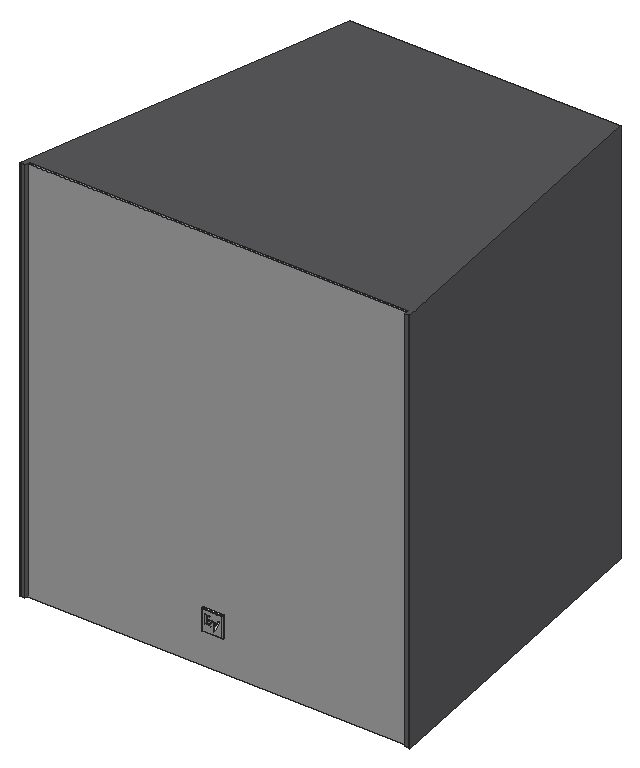
Revit family "EVH-1152S", category Communication Devices, Revit 2017
Family settings
  Maintain Annotation Orientation = Yes
  Round Connector Dimension = Use Diameter
  Part Type = Normal
  OmniClass Number = 23.85.10.11.11.21
  OmniClass Title = Speakers
  Work Plane-Based = Yes
  Always vertical = Yes
  Cut with Voids When Loaded = No
  Shared = No
  Room Calculation Point = No
Parameters (values of type "EVH1152D43BLB_Black_40X30_Coaxil_Hornload")
  Version = "1"
  Uniclass2015Code = "Pr_60_75_08_02"
  URL = ""
  ProductInformation = "https://www.electrovoice.com/binary/EVH-1152S-43_Engineering_Data_Sheet.PDF"
  PlanningTools = "https://www.electrovoice.com/product.php?id=1040#downloads&geolocation=1"
  ModelNumber = "F.01U.272.790"
  Model = ""
  MaterialRALColour = "RAL9004"
  ManufacturerURL = "https://www.electrovoice.com"
  Manufacturer = "Electro Voice"
  LoudspeakerMaterial [instance] = 13-plyWeather-resistantBirchEVCoat -RAL9004
  GrillMaterial [instance] = 16GA Powder-coatedGalvanneal - B
  FrontLength = 768.62 mm  # constant formula
  Default Elevation = 0.00 mm
  CTN = "EVH1152S43BLB"
  BackLength = 535.66 mm  # constant formula
  InstallationManual = "https://www.electrovoice.com/binary/EVH-1152S-43_Engineering_Data_Sheet.PDF"
  IfcExportType = "IfcBuildingElementProxyType"
  IfcExportAs = "IfcBuildingElementProxy"
  Height = 768.55 mm  # constant formula
  Disclaimer = "http://resource.boschsecurity.com/information/BIM/Disclaimer_Electrovoice.pdf"
  Description = "ND2B 51mm Diaphragm, 36mm Exit Pure Titanium Compression Driver. SMX2151 381mm LF Transducer with Fully Symmetric Drive. Advanced 4th Order Crossover Network with HF Protection. Coverage Pattern: 40° x 30° Constant DirectivityTM Rotatable Waveguides.106 dB Sensitivity, 139 dB Maximum SPL. System Rating: 500W Continuous, 2000W Peak. Active Rating: LF400W/HF40W Continuous 1600W/160W Peak."
  Depth = 680.06 mm  # constant formula
  ArchitectsAndEngineersSpecs = "https://www.electrovoice.com/binary/EVH-1152S-43_Engineering_Data_Sheet.PDF"
Reference planes
  plane 1 "Center (Front/Back)": y = 0
  plane 2: z = 0
  plane 3 "Center (Left/Right)": x = 0
Forms (mm)
  Extrusion 1, solid
    sketch origin (-218.808, 253.121, 151.949) x (0, 0, 1) y (0, -1, 0)
      loop
        line (-20.634, 250.621) -> (-5.289, 250.621) -> (-5.289, 253.121) -> (-20.634, 253.121) -> (-20.634, 250.621)
    from 217.781 to 244.634
  Extrusion 2, solid, material "16GA Powder-coatedGalvanneal - B" <- "GrillMaterial", detail levels medium+fine
    sketch origin (-0.165, -226.499, 0) x (1, 0, 0) y (0, 1, 0)
      loop
        arc (-374.713, -438.19) -> (0.165, -448.23) -> (375.043, -438.19) r 7003.936
        line (375.043, -438.19) -> (374.169, -433.23)
        arc (374.169, -433.23) -> (0.165, -443.23) -> (-373.839, -433.23) r 6998.936
        line (-373.839, -433.23) -> (-374.713, -438.19)
    from 0 to 768.55
  Extrusion 3, solid, material "13-plyWeather-resistantBirchEVCoat -RAL9004" <- "LoudspeakerMaterial"
    sketch origin (24.276, -254.036, 0) x (-1, 0, 0) y (0, -1, 0)
      loop
        line (-243.554, -254.036) -> (292.106, -254.036) -> (410.197, 415.692) -> (409.388, 415.692)
        arc (409.388, 415.692) -> (408.987, 415.441) -> (408.586, 415.692) r 0.445
        line (408.586, 415.692) -> (400.043, 415.692) -> (398.279, 405.692)
        arc (398.279, 405.692) -> (24.276, 415.692) -> (-349.728, 405.692) r 6998.936
        line (-349.728, 405.692) -> (-351.491, 415.692) -> (-360.034, 415.692)
        arc (-360.034, 415.692) -> (-360.435, 415.441) -> (-360.836, 415.692) r 0.445
        line (-360.836, 415.692) -> (-361.645, 415.692) -> (-243.554, -254.036)
    from 0 to 768.55
Lines and regions (mm)
  model lines
    curve 1: line (-440.583, -450.191, 0) -> (-440.583, -450.691, 0)
  model lines, detail levels medium+fine
    curve 2: circle (-364.938, -550.725, 738.55) r 12 normal (0.9848, -0.1736, 0)
    curve 4: circle (-364.938, -550.725, 30) r 12 normal (-0.9848, 0.1736, 0)
    curve 6: circle (-377.57, -622.367, 699.338) r 8 normal (0.9848, -0.1736, 0)
    curve 7: circle (-377.573, -622.385, 699.32) r 8 normal (0.9848, -0.1736, 0)
    curve 9: circle (-377.57, -622.367, 491.49) r 8 normal (0.9848, -0.1736, 0)
    curve 10: circle (-377.573, -622.385, 491.473) r 8 normal (0.9848, -0.1736, 0)
    curve 12: circle (-377.57, -622.367, 68.99) r 8 normal (0.9848, -0.1736, 0)
    curve 13: circle (-377.573, -622.385, 68.973) r 8 normal (0.9848, -0.1736, 0)
    curve 15: circle (-377.57, -622.367, 276.49) r 8 normal (0.9848, -0.1736, 0)
    curve 16: circle (-377.573, -622.385, 276.473) r 8 normal (0.9848, -0.1736, 0)
    curve 18: circle (-323.262, -314.371, 738.55) r 12 normal (0.9848, -0.1736, 0)
    curve 20: circle (-323.262, -314.371, 30) r 12 normal (-0.9848, 0.1736, 0)
    curve 22: circle (-280.892, -74.078, 738.55) r 12 normal (0.9848, -0.1736, 0)
    curve 24: circle (-280.892, -74.078, 30) r 12 normal (-0.9848, 0.1736, 0)
    curve 26: circle (364.938, -550.725, 738.55) r 12 normal (0.9848, 0.1736, 0)
    curve 28: circle (364.938, -550.725, 30) r 12 normal (-0.9848, -0.1736, 0)
    curve 30: circle (377.57, -622.367, 699.338) r 8 normal (0.9848, 0.1736, 0)
    curve 31: circle (377.573, -622.385, 699.32) r 8 normal (0.9848, 0.1736, 0)
    curve 33: circle (377.57, -622.367, 491.49) r 8 normal (0.9848, 0.1736, 0)
    curve 34: circle (377.573, -622.385, 491.473) r 8 normal (0.9848, 0.1736, 0)
    curve 36: circle (377.57, -622.367, 68.99) r 8 normal (0.9848, 0.1736, 0)
    curve 37: circle (377.573, -622.385, 68.973) r 8 normal (0.9848, 0.1736, 0)
    curve 39: circle (377.57, -622.367, 276.49) r 8 normal (0.9848, 0.1736, 0)
    curve 40: circle (377.573, -622.385, 276.473) r 8 normal (0.9848, 0.1736, 0)
    curve 42: circle (323.262, -314.371, 738.55) r 12 normal (0.9848, 0.1736, 0)
    curve 44: circle (323.262, -314.371, 30) r 12 normal (-0.9848, -0.1736, 0)
    curve 46: circle (280.892, -74.078, 738.55) r 12 normal (0.9848, 0.1736, 0)
    curve 48: circle (280.892, -74.078, 30) r 12 normal (-0.9848, -0.1736, 0)
  model lines, detail levels fine
    curve 3: circle (-364.938, -550.725, 738.55) r 8 normal (0.9848, -0.1736, 0)
    curve 5: circle (-364.938, -550.725, 30) r 8 normal (-0.9848, 0.1736, 0)
    curve 8: circle (-377.573, -622.385, 699.32) r 6 normal (0.9848, -0.1736, 0)
    curve 11: circle (-377.573, -622.385, 491.473) r 6 normal (0.9848, -0.1736, 0)
    curve 14: circle (-377.573, -622.385, 68.973) r 6 normal (0.9848, -0.1736, 0)
    curve 17: circle (-377.573, -622.385, 276.473) r 6 normal (0.9848, -0.1736, 0)
    curve 19: circle (-323.262, -314.371, 738.55) r 8 normal (0.9848, -0.1736, 0)
    curve 21: circle (-323.262, -314.371, 30) r 8 normal (-0.9848, 0.1736, 0)
    curve 23: circle (-280.892, -74.078, 738.55) r 8 normal (0.9848, -0.1736, 0)
    curve 25: circle (-280.892, -74.078, 30) r 8 normal (-0.9848, 0.1736, 0)
    curve 27: circle (364.938, -550.725, 738.55) r 8 normal (0.9848, 0.1736, 0)
    curve 29: circle (364.938, -550.725, 30) r 8 normal (-0.9848, -0.1736, 0)
    curve 32: circle (377.573, -622.385, 699.32) r 6 normal (0.9848, 0.1736, 0)
    curve 35: circle (377.573, -622.385, 491.473) r 6 normal (0.9848, 0.1736, 0)
    curve 38: circle (377.573, -622.385, 68.973) r 6 normal (0.9848, 0.1736, 0)
    curve 41: circle (377.573, -622.385, 276.473) r 6 normal (0.9848, 0.1736, 0)
    curve 43: circle (323.262, -314.371, 738.55) r 8 normal (0.9848, 0.1736, 0)
    curve 45: circle (323.262, -314.371, 30) r 8 normal (-0.9848, -0.1736, 0)
    curve 47: circle (280.892, -74.078, 738.55) r 8 normal (0.9848, 0.1736, 0)
    curve 49: circle (280.892, -74.078, 30) r 8 normal (-0.9848, -0.1736, 0)
  model lines, not visible, detail levels medium+fine
    curve 50: circle (-364.938, -550.725, 738.55) r 12 normal (0.9848, -0.1736, 0)
    curve 52: circle (-364.938, -550.725, 30) r 12 normal (-0.9848, 0.1736, 0)
    curve 54: circle (-377.57, -622.367, 699.338) r 8 normal (0.9848, -0.1736, 0)
    curve 55: circle (-377.573, -622.385, 699.32) r 8 normal (0.9848, -0.1736, 0)
    curve 57: circle (-377.57, -622.367, 491.49) r 8 normal (0.9848, -0.1736, 0)
    curve 58: circle (-377.573, -622.385, 491.473) r 8 normal (0.9848, -0.1736, 0)
    curve 60: circle (-377.57, -622.367, 68.99) r 8 normal (0.9848, -0.1736, 0)
    curve 61: circle (-377.573, -622.385, 68.973) r 8 normal (0.9848, -0.1736, 0)
    curve 63: circle (-377.57, -622.367, 276.49) r 8 normal (0.9848, -0.1736, 0)
    curve 64: circle (-377.573, -622.385, 276.473) r 8 normal (0.9848, -0.1736, 0)
    curve 66: circle (-323.262, -314.371, 738.55) r 12 normal (0.9848, -0.1736, 0)
    curve 68: circle (-323.262, -314.371, 30) r 12 normal (-0.9848, 0.1736, 0)
    curve 70: circle (-280.892, -74.078, 738.55) r 12 normal (0.9848, -0.1736, 0)
    curve 72: circle (-280.892, -74.078, 30) r 12 normal (-0.9848, 0.1736, 0)
    curve 74: circle (364.938, -550.725, 738.55) r 12 normal (0.9848, 0.1736, 0)
    curve 76: circle (364.938, -550.725, 30) r 12 normal (-0.9848, -0.1736, 0)
    curve 78: circle (377.57, -622.367, 699.338) r 8 normal (0.9848, 0.1736, 0)
    curve 79: circle (377.573, -622.385, 699.32) r 8 normal (0.9848, 0.1736, 0)
    curve 81: circle (377.57, -622.367, 491.49) r 8 normal (0.9848, 0.1736, 0)
    curve 82: circle (377.573, -622.385, 491.473) r 8 normal (0.9848, 0.1736, 0)
    curve 84: circle (377.57, -622.367, 68.99) r 8 normal (0.9848, 0.1736, 0)
    curve 85: circle (377.573, -622.385, 68.973) r 8 normal (0.9848, 0.1736, 0)
    curve 87: circle (377.57, -622.367, 276.49) r 8 normal (0.9848, 0.1736, 0)
    curve 88: circle (377.573, -622.385, 276.473) r 8 normal (0.9848, 0.1736, 0)
    curve 90: circle (323.262, -314.371, 738.55) r 12 normal (0.9848, 0.1736, 0)
    curve 92: circle (323.262, -314.371, 30) r 12 normal (-0.9848, -0.1736, 0)
    curve 94: circle (280.892, -74.078, 738.55) r 12 normal (0.9848, 0.1736, 0)
    curve 96: circle (280.892, -74.078, 30) r 12 normal (-0.9848, -0.1736, 0)
  model lines, not visible, detail levels fine
    curve 51: circle (-364.938, -550.725, 738.55) r 8 normal (0.9848, -0.1736, 0)
    curve 53: circle (-364.938, -550.725, 30) r 8 normal (-0.9848, 0.1736, 0)
    curve 56: circle (-377.573, -622.385, 699.32) r 6 normal (0.9848, -0.1736, 0)
    curve 59: circle (-377.573, -622.385, 491.473) r 6 normal (0.9848, -0.1736, 0)
    curve 62: circle (-377.573, -622.385, 68.973) r 6 normal (0.9848, -0.1736, 0)
    curve 65: circle (-377.573, -622.385, 276.473) r 6 normal (0.9848, -0.1736, 0)
    curve 67: circle (-323.262, -314.371, 738.55) r 8 normal (0.9848, -0.1736, 0)
    curve 69: circle (-323.262, -314.371, 30) r 8 normal (-0.9848, 0.1736, 0)
    curve 71: circle (-280.892, -74.078, 738.55) r 8 normal (0.9848, -0.1736, 0)
    curve 73: circle (-280.892, -74.078, 30) r 8 normal (-0.9848, 0.1736, 0)
    curve 75: circle (364.938, -550.725, 738.55) r 8 normal (0.9848, 0.1736, 0)
    curve 77: circle (364.938, -550.725, 30) r 8 normal (-0.9848, -0.1736, 0)
    curve 80: circle (377.573, -622.385, 699.32) r 6 normal (0.9848, 0.1736, 0)
    curve 83: circle (377.573, -622.385, 491.473) r 6 normal (0.9848, 0.1736, 0)
    curve 86: circle (377.573, -622.385, 68.973) r 6 normal (0.9848, 0.1736, 0)
    curve 89: circle (377.573, -622.385, 276.473) r 6 normal (0.9848, 0.1736, 0)
    curve 91: circle (323.262, -314.371, 738.55) r 8 normal (0.9848, 0.1736, 0)
    curve 93: circle (323.262, -314.371, 30) r 8 normal (-0.9848, -0.1736, 0)
    curve 95: circle (280.892, -74.078, 738.55) r 8 normal (0.9848, 0.1736, 0)
    curve 97: circle (280.892, -74.078, 30) r 8 normal (-0.9848, -0.1736, 0)
Dimensions and locks
  "Height": Extrusion 3 to Extrusion 3
  "Height": Extrusion 2 to Extrusion 3
  "BackLength": Extrusion 3 to Extrusion 3
  "FrontLength": Extrusion 3 to Extrusion 3
  "Depth": Extrusion 3 to Extrusion 3
  angle Extrusion 3 to Extrusion 3 = 20.00°
  aligned and locked: plane 2 to level
Automatic sketch dimensions
  Extrusion 1 sketch curve to plane 1 "Center (Front/Back)" = 0.00 mm
  level to Extrusion 1 sketch curve = 131.315 mm
  Extrusion 1 sketch curve to Extrusion 1 sketch curve = 15.346 mm
  Extrusion 1 sketch curve to plane 1 "Center (Front/Back)" = 2.50 mm
  plane 3 "Center (Left/Right)" to Extrusion 2 sketch curve = 374.878 mm
  plane 1 "Center (Front/Back)" to Extrusion 2 sketch curve = 659.728 mm
  Extrusion 2 sketch curve to Extrusion 2 sketch curve = 0.00 mm  (x3)
  curve 1 to plane 3 "Center (Left/Right)" = 440.583 mm
  curve 1 to curve 1 = 0.50 mm
  plane 1 "Center (Front/Back)" to Extrusion 3 sketch curve = 0.00 mm
  Extrusion 3 sketch curve to plane 3 "Center (Left/Right)" = 0.00 mm
  plane 3 "Center (Left/Right)" to Extrusion 3 sketch curve = 267.83 mm
  plane 3 "Center (Left/Right)" to Extrusion 3 sketch curve = 374.004 mm
  Extrusion 3 sketch curve to Extrusion 3 sketch curve = 1.763 mm  (x2)
  Extrusion 3 sketch curve to Extrusion 3 sketch curve = 8.543 mm  (x2)
  Extrusion 3 sketch curve to Extrusion 3 sketch curve = 0.401 mm  (x3)
  Extrusion 3 sketch curve to Extrusion 3 sketch curve = 0.81 mm  (x2)
  Extrusion 3 sketch curve to plane 3 "Center (Left/Right)" = 267.83 mm
  Extrusion 3 sketch curve to plane 3 "Center (Left/Right)" = 374.004 mm
  Extrusion 3 sketch curve to plane 1 "Center (Front/Back)" = 6329.208 mm
  plane 1 "Center (Front/Back)" to Extrusion 3 sketch curve = 659.728 mm
  Extrusion 3 sketch curve to Extrusion 3 sketch curve = 10.00 mm  (x2)
  Extrusion 3 sketch curve to Extrusion 3 sketch curve = 0.00 mm
  Extrusion 3 sketch curve to Extrusion 3 sketch curve = 0.194 mm  (x2)
  plane 1 "Center (Front/Back)" to curve 1 = 450.691 mm
  Extrusion 2 sketch curve to plane 3 "Center (Left/Right)" = 0.00 mm
  Extrusion 2 sketch curve to Extrusion 2 sketch curve = 4.96 mm
  Extrusion 2 sketch curve to Extrusion 2 sketch curve = 0.875 mm  (x2)
  Extrusion 2 sketch curve to plane 1 "Center (Front/Back)" = 6329.208 mm
  curve 2 to curve 3 = 0.00 mm  (x2)
  curve 4 to curve 5 = 0.00 mm  (x2)
  curve 7 to curve 8 = 0.00 mm  (x2)
  curve 10 to curve 11 = 0.00 mm  (x2)
  curve 13 to curve 14 = 0.00 mm  (x2)
  curve 16 to curve 17 = 0.00 mm  (x2)
  curve 18 to curve 19 = 0.00 mm  (x2)
  curve 20 to curve 21 = 0.00 mm  (x2)
  curve 22 to curve 23 = 0.00 mm  (x2)
  curve 24 to curve 25 = 0.00 mm  (x2)
  curve 16 to curve 13 = 0.00 mm
  curve 11 to curve 16 = 0.00 mm
  curve 7 to curve 10 = 0.00 mm
  curve 7 to curve 6 = 0.019 mm
  curve 16 to curve 15 = 0.019 mm
  curve 13 to curve 12 = 0.019 mm
  curve 10 to curve 9 = 0.019 mm
  curve 12 to curve 5 = 72.747 mm
  curve 6 to curve 3 = 72.747 mm
  curve 2 to curve 19 = 240.00 mm
  curve 4 to curve 20 = 240.00 mm
  curve 18 to curve 23 = 244.00 mm
  curve 20 to curve 24 = 244.00 mm
  curve 2 to curve 23 = 0.00 mm
  curve 2 to curve 18 = 0.00 mm
  curve 2 to curve 6 = 39.212 mm
  curve 6 to curve 7 = 0.018 mm
  curve 7 to curve 9 = 207.83 mm
  curve 9 to curve 10 = 0.018 mm
  curve 10 to curve 15 = 214.982 mm
  curve 15 to curve 16 = 0.018 mm
  curve 16 to curve 12 = 207.482 mm
  curve 12 to curve 14 = 0.018 mm
  curve 12 to curve 21 = 38.99 mm
  curve 12 to curve 5 = 38.99 mm
  curve 20 to curve 24 = 0.00 mm
  curve 26 to curve 27 = 0.00 mm  (x2)
  curve 28 to curve 29 = 0.00 mm  (x2)
  curve 31 to curve 32 = 0.00 mm  (x2)
  curve 34 to curve 35 = 0.00 mm  (x2)
  curve 37 to curve 38 = 0.00 mm  (x2)
  curve 40 to curve 41 = 0.00 mm  (x2)
  curve 42 to curve 43 = 0.00 mm  (x2)
  curve 44 to curve 45 = 0.00 mm  (x2)
  curve 46 to curve 47 = 0.00 mm  (x2)
  curve 48 to curve 49 = 0.00 mm  (x2)
  curve 40 to curve 37 = 0.00 mm
  curve 35 to curve 40 = 0.00 mm
  curve 31 to curve 34 = 0.00 mm
  curve 31 to curve 30 = 0.019 mm
  curve 40 to curve 39 = 0.019 mm
  curve 37 to curve 36 = 0.019 mm
  curve 34 to curve 33 = 0.019 mm
  curve 36 to curve 29 = 72.747 mm
  curve 30 to curve 27 = 72.747 mm
  curve 26 to curve 43 = 240.00 mm
  curve 28 to curve 44 = 240.00 mm
  curve 42 to curve 47 = 244.00 mm
  curve 44 to curve 48 = 244.00 mm
  curve 48 to curve 28 = 0.00 mm
  curve 45 to curve 28 = 0.00 mm
  curve 28 to curve 38 = 38.973 mm
  curve 37 to curve 36 = 0.018 mm
  curve 36 to curve 41 = 207.482 mm
  curve 40 to curve 39 = 0.018 mm
  curve 39 to curve 34 = 214.982 mm
  curve 34 to curve 33 = 0.018 mm
  curve 33 to curve 31 = 207.83 mm
  curve 31 to curve 30 = 0.018 mm
  curve 30 to curve 43 = 39.212 mm
  curve 46 to curve 42 = 0.00 mm
  curve 30 to curve 27 = 39.212 mm
  curve 50 to curve 51 = 0.00 mm  (x2)
  curve 52 to curve 53 = 0.00 mm  (x2)
  curve 55 to curve 56 = 0.00 mm  (x2)
  curve 58 to curve 59 = 0.00 mm  (x2)
  curve 61 to curve 62 = 0.00 mm  (x2)
  curve 64 to curve 65 = 0.00 mm  (x2)
  curve 66 to curve 67 = 0.00 mm  (x2)
  curve 68 to curve 69 = 0.00 mm  (x2)
  curve 70 to curve 71 = 0.00 mm  (x2)
  curve 72 to curve 73 = 0.00 mm  (x2)
  curve 64 to curve 61 = 0.00 mm
  curve 59 to curve 64 = 0.00 mm
  curve 55 to curve 58 = 0.00 mm
  curve 55 to curve 54 = 0.019 mm
  curve 64 to curve 63 = 0.019 mm
  curve 61 to curve 60 = 0.019 mm
  curve 58 to curve 57 = 0.019 mm
  curve 60 to curve 53 = 72.747 mm
  curve 54 to curve 51 = 72.747 mm
  curve 50 to curve 67 = 240.00 mm
  curve 52 to curve 68 = 240.00 mm
  curve 66 to curve 71 = 244.00 mm
  curve 68 to curve 72 = 244.00 mm
  curve 50 to curve 71 = 0.00 mm
  curve 50 to curve 66 = 0.00 mm
  curve 50 to curve 54 = 39.212 mm
  curve 54 to curve 55 = 0.018 mm
  curve 55 to curve 57 = 207.83 mm
  curve 57 to curve 58 = 0.018 mm
  curve 58 to curve 63 = 214.982 mm
  curve 63 to curve 64 = 0.018 mm
  curve 64 to curve 60 = 207.482 mm
  curve 60 to curve 62 = 0.018 mm
  curve 60 to curve 69 = 38.99 mm
  curve 60 to curve 53 = 38.99 mm
  curve 68 to curve 72 = 0.00 mm
  curve 74 to curve 75 = 0.00 mm  (x2)
  curve 76 to curve 77 = 0.00 mm  (x2)
  curve 79 to curve 80 = 0.00 mm  (x2)
  curve 82 to curve 83 = 0.00 mm  (x2)
  curve 85 to curve 86 = 0.00 mm  (x2)
  curve 88 to curve 89 = 0.00 mm  (x2)
  curve 90 to curve 91 = 0.00 mm  (x2)
  curve 92 to curve 93 = 0.00 mm  (x2)
  curve 94 to curve 95 = 0.00 mm  (x2)
  curve 96 to curve 97 = 0.00 mm  (x2)
  curve 88 to curve 85 = 0.00 mm
  curve 83 to curve 88 = 0.00 mm
  curve 79 to curve 82 = 0.00 mm
  curve 79 to curve 78 = 0.019 mm
  curve 88 to curve 87 = 0.019 mm
  curve 85 to curve 84 = 0.019 mm
  curve 82 to curve 81 = 0.019 mm
  curve 84 to curve 77 = 72.747 mm
  curve 78 to curve 75 = 72.747 mm
  curve 74 to curve 91 = 240.00 mm
  curve 76 to curve 92 = 240.00 mm
  curve 90 to curve 95 = 244.00 mm
  curve 92 to curve 96 = 244.00 mm
  curve 96 to curve 76 = 0.00 mm
  curve 93 to curve 76 = 0.00 mm
  curve 76 to curve 86 = 38.973 mm
  curve 85 to curve 84 = 0.018 mm
  curve 84 to curve 89 = 207.482 mm
  curve 88 to curve 87 = 0.018 mm
  curve 87 to curve 82 = 214.982 mm
  curve 82 to curve 81 = 0.018 mm
  curve 81 to curve 79 = 207.83 mm
  curve 79 to curve 78 = 0.018 mm
  curve 78 to curve 91 = 39.212 mm
  curve 94 to curve 90 = 0.00 mm
  curve 78 to curve 75 = 39.212 mm
  radius of curve 2 = 12.00 mm
  radius of curve 3 = 8.00 mm
  radius of curve 4 = 12.00 mm
  radius of curve 5 = 8.00 mm
  radius of curve 6 = 8.00 mm
  radius of curve 7 = 8.00 mm
  radius of curve 8 = 6.00 mm
  radius of curve 9 = 8.00 mm
  radius of curve 10 = 8.00 mm
  radius of curve 11 = 6.00 mm
  radius of curve 12 = 8.00 mm
  radius of curve 13 = 8.00 mm
  radius of curve 14 = 6.00 mm
  radius of curve 15 = 8.00 mm
  radius of curve 16 = 8.00 mm
  radius of curve 17 = 6.00 mm
  radius of curve 18 = 12.00 mm
  radius of curve 19 = 8.00 mm
  radius of curve 20 = 12.00 mm
  radius of curve 21 = 8.00 mm
  radius of curve 22 = 12.00 mm
  radius of curve 23 = 8.00 mm
  radius of curve 24 = 12.00 mm
  radius of curve 25 = 8.00 mm
  radius of curve 26 = 12.00 mm
  radius of curve 27 = 8.00 mm
  radius of curve 28 = 12.00 mm
  radius of curve 29 = 8.00 mm
  radius of curve 30 = 8.00 mm
  radius of curve 31 = 8.00 mm
  radius of curve 32 = 6.00 mm
  radius of curve 33 = 8.00 mm
  radius of curve 34 = 8.00 mm
  radius of curve 35 = 6.00 mm
  radius of curve 36 = 8.00 mm
  radius of curve 37 = 8.00 mm
  radius of curve 38 = 6.00 mm
  radius of curve 39 = 8.00 mm
  radius of curve 40 = 8.00 mm
  radius of curve 41 = 6.00 mm
  radius of curve 42 = 12.00 mm
  radius of curve 43 = 8.00 mm
  radius of curve 44 = 12.00 mm
  radius of curve 45 = 8.00 mm
  radius of curve 46 = 12.00 mm
  radius of curve 47 = 8.00 mm
  radius of curve 48 = 12.00 mm
  radius of curve 49 = 8.00 mm
  radius of curve 50 = 12.00 mm
  radius of curve 51 = 8.00 mm
  radius of curve 52 = 12.00 mm
  radius of curve 53 = 8.00 mm
  radius of curve 54 = 8.00 mm
  radius of curve 55 = 8.00 mm
  radius of curve 56 = 6.00 mm
  radius of curve 57 = 8.00 mm
  radius of curve 58 = 8.00 mm
  radius of curve 59 = 6.00 mm
  radius of curve 60 = 8.00 mm
  radius of curve 61 = 8.00 mm
  radius of curve 62 = 6.00 mm
  radius of curve 63 = 8.00 mm
  radius of curve 64 = 8.00 mm
  radius of curve 65 = 6.00 mm
  radius of curve 66 = 12.00 mm
  radius of curve 67 = 8.00 mm
  radius of curve 68 = 12.00 mm
  radius of curve 69 = 8.00 mm
  radius of curve 70 = 12.00 mm
  radius of curve 71 = 8.00 mm
  radius of curve 72 = 12.00 mm
  radius of curve 73 = 8.00 mm
  radius of curve 74 = 12.00 mm
  radius of curve 75 = 8.00 mm
  radius of curve 76 = 12.00 mm
  radius of curve 77 = 8.00 mm
  radius of curve 78 = 8.00 mm
  radius of curve 79 = 8.00 mm
  radius of curve 80 = 6.00 mm
  radius of curve 81 = 8.00 mm
  radius of curve 82 = 8.00 mm
  radius of curve 83 = 6.00 mm
  radius of curve 84 = 8.00 mm
  radius of curve 85 = 8.00 mm
  radius of curve 86 = 6.00 mm
  radius of curve 87 = 8.00 mm
  radius of curve 88 = 8.00 mm
  radius of curve 89 = 6.00 mm
  radius of curve 90 = 12.00 mm
  radius of curve 91 = 8.00 mm
  radius of curve 92 = 12.00 mm
  radius of curve 93 = 8.00 mm
  radius of curve 94 = 12.00 mm
  radius of curve 95 = 8.00 mm
  radius of curve 96 = 12.00 mm
  radius of curve 97 = 8.00 mm
Nested families
  nested 1: "InputPanel_H" at (0.031, 0.022, 51.922), LoudspeakerMaterial <- "LoudspeakerMaterial", type "InputPanel_H", detail levels medium+fine
    with LoudspeakerMaterial 13-plyWeather-resistantBirchEVCoat -RAL9004
  nested 2: "L-EV" at (0, -674.228, 88.55), type "L-EV", detail levels medium+fine
Connectors
  electrical at (12.4, 2.5, 138.988)
    settings: on Extrusion 1, index 2, voltage 0 V, apparent load 0 VA, apparent load phase1 0 VA, apparent load phase2 0 VA, apparent load phase3 0 VA, power factor 1, load classification "Other", number of poles 1, system type 31, power factor state 1, is connector primary yes, connector utility no, sub classification motor no, connector description ""
Definition of nested family "InputPanel_H"
  Parameters (values of type "InputPanel_H")
    Material = ""
    LoudspeakerMaterial [instance] = none
    Default Elevation = 1219.20 mm
  Reference planes
    plane 1 "Center (Front/Back)": y = 0
    plane 2: z = 0
    plane 3 "Center (Left/Right)": x = 0
  Forms (mm)
    Extrusion 1, solid, material <- "LoudspeakerMaterial", not visible
      sketch origin (-97.521, -0.5, 198.121) x (-1, 0, 0) y (0, 0, -1)
        loop
          arc (-236.652, 198.043) -> (-237.266, 197.789) -> (-237.521, 197.174) r 0.869
          line (-237.521, 197.174) -> (-237.521, 70.264)
          arc (-237.521, 70.264) -> (-237.266, 69.649) -> (-236.652, 69.395) r 0.869
          line (-236.652, 69.395) -> (41.701, 69.395)
          arc (41.701, 69.395) -> (42.316, 69.649) -> (42.57, 70.264) r 0.869
          line (42.57, 70.264) -> (42.57, 197.174)
          arc (42.57, 197.174) -> (42.316, 197.789) -> (41.701, 198.043) r 0.869
          line (41.701, 198.043) -> (-236.652, 198.043)
      from 0 to -0.5
    Extrusion 2, solid, material <- "LoudspeakerMaterial", detail levels medium+fine
      sketch origin (1.214, 0, 125.108) x (-1, 0, 0) y (0, 0, -1)
        loop
          line (134.909, 125.031) -> (-132.479, 125.031)
          arc (-132.479, 125.031) -> (-136.938, 123.184) -> (-138.785, 118.724) r 6.306
          line (-138.785, 118.724) -> (-138.785, 2.656)
          arc (-138.785, 2.656) -> (-137.145, -1.571) -> (-133.106, -3.618) r 6.306
          line (-133.106, -3.618) -> (134.923, -3.618)
          arc (134.923, -3.618) -> (139.382, -1.771) -> (141.229, 2.689) r 6.306
          line (141.229, 2.689) -> (141.215, 118.725)
          arc (141.215, 118.725) -> (139.367, 123.184) -> (134.909, 125.031) r 6.306
        loop
          line (-32, 109) -> (-119, 109)
          arc (-119, 109) -> (-122.536, 107.536) -> (-124, 104) r 5
          line (-124, 104) -> (-124, 18.073)
          arc (-124, 18.073) -> (-122.536, 14.537) -> (-119, 13.073) r 5
          line (-119, 13.073) -> (-32, 13.068)
          arc (-32, 13.068) -> (-28.464, 14.537) -> (-27, 18.073) r 5
          line (-27, 18.073) -> (-27, 104)
          arc (-27, 104) -> (-28.464, 107.536) -> (-32, 109) r 5
        loop
          line (121.931, 109) -> (-17.996, 109)
          arc (-17.996, 109) -> (-21.532, 107.536) -> (-22.996, 104) r 5
          line (-22.996, 104) -> (-22.996, 18.073)
          arc (-22.996, 18.073) -> (-21.532, 14.537) -> (-17.996, 13.073) r 5
          line (-17.996, 13.073) -> (121.931, 13.068)
          arc (121.931, 13.068) -> (125.466, 14.537) -> (126.931, 18.073) r 5
          line (126.931, 18.073) -> (126.931, 104)
          arc (126.931, 104) -> (125.466, 107.536) -> (121.931, 109) r 5
        loop
          circle (-131.217, 117.431) r 2.623
        loop
          circle (-43.03, 117.431) r 2.623
        loop
          circle (45.408, 117.431) r 2.623
        loop
          circle (133.136, 117.431) r 2.623
        loop
          circle (-131.469, 3.695) r 2.623
        loop
          circle (-43.281, 3.695) r 2.623
        loop
          circle (45.157, 3.695) r 2.623
        loop
          circle (132.885, 3.695) r 2.623
      from 0 to 10
    Extrusion 3, solid, material <- "LoudspeakerMaterial", detail levels fine
      sketch origin (1.214, 0, 125.108) x (-1, 0, 0) y (0, 0, -1)
        loop
          arc (-17.996, 109) -> (-21.532, 107.536) -> (-22.996, 104) r 5
          line (-22.996, 104) -> (-22.996, 18.073)
          arc (-22.996, 18.073) -> (-21.53, 14.535) -> (-17.996, 13.068) r 5
          line (-17.996, 13.068) -> (121.931, 13.073)
          arc (121.931, 13.073) -> (125.466, 14.537) -> (126.931, 18.073) r 5
          line (126.931, 18.073) -> (126.931, 104)
          arc (126.931, 104) -> (125.466, 107.536) -> (121.931, 109) r 5
          line (121.931, 109) -> (-17.996, 109)
        loop
          line (54.039, 97.778) -> (-7.991, 97.77)
          arc (-7.991, 97.77) -> (-8.799, 96.096) -> (-10.285, 94.977) r 3.948
          line (-10.285, 94.977) -> (-10.277, 26.4)
          arc (-10.277, 26.4) -> (-8.791, 25.282) -> (-7.981, 23.608) r 3.948
          line (-7.981, 23.608) -> (54.048, 23.615)
          arc (54.048, 23.615) -> (57.907, 26.731) -> (61.766, 23.616) r 3.948
          line (61.766, 23.616) -> (111.183, 23.622)
          arc (111.183, 23.622) -> (111.992, 25.297) -> (113.478, 26.415) r 3.948
          line (113.478, 26.415) -> (113.47, 94.993)
          arc (113.47, 94.993) -> (111.984, 96.11) -> (111.174, 97.785) r 3.948
          line (111.174, 97.785) -> (61.757, 97.779)
          arc (61.757, 97.779) -> (57.899, 94.663) -> (54.039, 97.778) r 3.948
        loop
          circle (57.898, 98.611) r 1.593
        loop
          circle (57.898, 22.673) r 1.593
        loop
          circle (114.809, 98.611) r 1.593
        loop
          circle (114.809, 22.673) r 1.593
        loop
          circle (-11.512, 98.611) r 1.593
        loop
          circle (-11.512, 22.673) r 1.593
      from 7.5 to 5
    Extrusion 4, solid, material <- "LoudspeakerMaterial", detail levels fine
      sketch origin (1.214, -5, 125.108) x (-1, 0, 0) y (0, 0, -1)
        loop
          arc (-136.087, 111.908) -> (-136.669, 111.554) -> (-136.853, 110.898) r 0.929
          line (-136.853, 110.898) -> (-130.706, 110.884)
          arc (-130.706, 110.884) -> (-126.61, 112.865) -> (-124.668, 116.98) r 6.83
          line (-124.668, 116.98) -> (-124.689, 123.07)
          arc (-124.689, 123.07) -> (-125.343, 122.884) -> (-125.696, 122.302) r 0.93
          line (-125.696, 122.302) -> (-125.681, 117.428)
          arc (-125.681, 117.428) -> (-127.297, 113.511) -> (-131.213, 111.895) r 5.516
          line (-131.213, 111.895) -> (-136.087, 111.908)
        loop
          line (-136.087, 9.439) -> (-131.213, 9.451)
          arc (-131.213, 9.451) -> (-127.297, 7.835) -> (-125.681, 3.918) r 5.516
          line (-125.681, 3.918) -> (-125.696, -0.955)
          arc (-125.696, -0.955) -> (-125.343, -1.537) -> (-124.689, -1.723) r 0.93
          line (-124.689, -1.723) -> (-124.668, 4.366)
          arc (-124.668, 4.366) -> (-126.61, 8.481) -> (-130.706, 10.463) r 6.83
          line (-130.706, 10.463) -> (-136.853, 10.449)
          arc (-136.853, 10.449) -> (-136.669, 9.793) -> (-136.087, 9.439) r 0.929
        loop
          line (138.516, 111.908) -> (133.643, 111.895)
          arc (133.643, 111.895) -> (129.726, 113.511) -> (128.11, 117.428) r 5.516
          line (128.11, 117.428) -> (128.125, 122.302)
          arc (128.125, 122.302) -> (127.773, 122.884) -> (127.118, 123.07) r 0.93
          line (127.118, 123.07) -> (127.098, 116.98)
          arc (127.098, 116.98) -> (129.04, 112.865) -> (133.136, 110.884) r 6.83
          line (133.136, 110.884) -> (139.283, 110.898)
          arc (139.283, 110.898) -> (139.098, 111.554) -> (138.516, 111.908) r 0.929
        loop
          arc (138.516, 9.439) -> (139.098, 9.793) -> (139.283, 10.449) r 0.929
          line (139.283, 10.449) -> (133.136, 10.463)
          arc (133.136, 10.463) -> (129.04, 8.481) -> (127.098, 4.366) r 6.83
          line (127.098, 4.366) -> (127.118, -1.723)
          arc (127.118, -1.723) -> (127.773, -1.537) -> (128.125, -0.955) r 0.93
          line (128.125, -0.955) -> (128.11, 3.918)
          arc (128.11, 3.918) -> (129.726, 7.835) -> (133.643, 9.451) r 5.516
          line (133.643, 9.451) -> (138.516, 9.439)
      from 6 to 5
    Extrusion 5, solid, material <- "LoudspeakerMaterial"
      sketch origin (1.214, 0, 125.108) x (-1, 0, 0) y (0, 0, -1)
        loop
          line (-138.785, 125.031) -> (-138.785, -3.618) -> (141.23, -3.618) -> (141.214, 125.031) -> (-138.785, 125.031)
      from 0 to 4.337
  Lines and regions (mm)
    model lines, not visible
      curve 1: arc (59.415, -9.5, 70.232) -> (59.756, -9.5, 68.636) -> (60.858, -9.5, 67.432) r 3.109
      curve 2: arc (59.414, -9.5, 82.845) -> (59.754, -9.5, 81.249) -> (60.857, -9.5, 80.045) r 3.109
      curve 3: arc (59.417, -9.5, 63.926) -> (59.752, -9.5, 62.34) -> (60.84, -9.5, 61.139) r 3.108
      curve 4: arc (59.415, -9.5, 76.539) -> (59.75, -9.5, 74.953) -> (60.838, -9.5, 73.752) r 3.108
      curve 5: arc (60.711, -9.5, 72.945) -> (59.72, -9.5, 71.753) -> (59.414, -9.5, 70.232) r 3.166
      curve 6: arc (60.71, -9.5, 85.557) -> (59.718, -9.5, 84.365) -> (59.412, -9.5, 82.845) r 3.166
      curve 7: arc (60.712, -9.5, 66.637) -> (59.721, -9.5, 65.445) -> (59.415, -9.5, 63.926) r 3.165
      curve 8: arc (60.71, -9.5, 79.25) -> (59.72, -9.5, 78.058) -> (59.414, -9.5, 76.539) r 3.165
      curve 9: arc (59.062, -9.5, 76.539) -> (58.721, -9.5, 78.135) -> (57.618, -9.5, 79.339) r 3.109
      curve 10: arc (59.063, -9.5, 63.926) -> (58.723, -9.5, 65.522) -> (57.62, -9.5, 66.726) r 3.109
      curve 11: arc (59.06, -9.5, 82.845) -> (58.725, -9.5, 84.431) -> (57.637, -9.5, 85.632) r 3.108
      curve 12: arc (59.062, -9.5, 70.232) -> (58.726, -9.5, 71.818) -> (57.638, -9.5, 73.019) r 3.108
      curve 13: arc (57.765, -9.5, 73.826) -> (58.757, -9.5, 75.018) -> (59.063, -9.5, 76.539) r 3.166
      curve 14: arc (57.767, -9.5, 61.214) -> (58.758, -9.5, 62.406) -> (59.065, -9.5, 63.926) r 3.166
      curve 15: arc (57.765, -9.5, 80.134) -> (58.756, -9.5, 81.326) -> (59.062, -9.5, 82.845) r 3.165
      curve 16: arc (57.767, -9.5, 67.521) -> (58.757, -9.5, 68.713) -> (59.063, -9.5, 70.232) r 3.165
      curve 17: arc (62.678, -9.5, 67.687) -> (63.752, -9.5, 68.757) -> (64.103, -9.5, 70.233) r 2.775
      curve 18: arc (63.369, -9.5, 67.367) -> (64.444, -9.5, 68.62) -> (64.794, -9.5, 70.233) r 3.371
      curve 19: arc (62.678, -9.5, 67.687) -> (62.999, -9.5, 67.474) -> (63.369, -9.5, 67.367) r 1.273
      curve 20: arc (62.676, -9.5, 80.299) -> (63.75, -9.5, 81.37) -> (64.101, -9.5, 82.846) r 2.775
      curve 21: arc (63.368, -9.5, 79.98) -> (64.442, -9.5, 81.233) -> (64.793, -9.5, 82.846) r 3.371
      curve 22: arc (62.676, -9.5, 80.299) -> (62.998, -9.5, 80.087) -> (63.368, -9.5, 79.98) r 1.273
      curve 23: arc (62.679, -9.5, 61.381) -> (63.752, -9.5, 62.452) -> (64.103, -9.5, 63.927) r 2.774
      curve 24: arc (63.37, -9.5, 61.062) -> (64.444, -9.5, 62.315) -> (64.794, -9.5, 63.927) r 3.37
      curve 25: arc (62.679, -9.5, 61.381) -> (63, -9.5, 61.169) -> (63.37, -9.5, 61.062) r 1.273
      curve 26: arc (62.677, -9.5, 73.994) -> (63.751, -9.5, 75.064) -> (64.101, -9.5, 76.539) r 2.774
      curve 27: arc (63.369, -9.5, 73.675) -> (64.442, -9.5, 74.927) -> (64.793, -9.5, 76.539) r 3.37
      curve 28: arc (62.677, -9.5, 73.994) -> (62.998, -9.5, 73.781) -> (63.369, -9.5, 73.675) r 1.273
      curve 29: arc (64.103, -9.5, 70.233) -> (63.752, -9.5, 71.708) -> (62.677, -9.5, 72.779) r 2.775
      curve 30: arc (63.369, -9.5, 73.098) -> (62.999, -9.5, 72.992) -> (62.677, -9.5, 72.779) r 1.273
      curve 31: arc (64.794, -9.5, 70.233) -> (64.443, -9.5, 71.846) -> (63.369, -9.5, 73.098) r 3.371
      curve 32: arc (64.101, -9.5, 82.846) -> (63.75, -9.5, 84.321) -> (62.676, -9.5, 85.392) r 2.775
      curve 33: arc (63.367, -9.5, 85.711) -> (62.997, -9.5, 85.604) -> (62.676, -9.5, 85.392) r 1.273
      curve 34: arc (64.793, -9.5, 82.846) -> (64.442, -9.5, 84.458) -> (63.367, -9.5, 85.711) r 3.371
      curve 35: arc (64.103, -9.5, 63.927) -> (63.752, -9.5, 65.401) -> (62.678, -9.5, 66.472) r 2.774
      curve 36: arc (63.37, -9.5, 66.791) -> (62.999, -9.5, 66.684) -> (62.678, -9.5, 66.472) r 1.273
      curve 37: arc (64.794, -9.5, 63.927) -> (64.444, -9.5, 65.539) -> (63.37, -9.5, 66.791) r 3.37
      curve 38: arc (64.101, -9.5, 76.539) -> (63.75, -9.5, 78.014) -> (62.676, -9.5, 79.084) r 2.774
      curve 39: arc (63.368, -9.5, 79.404) -> (62.998, -9.5, 79.297) -> (62.676, -9.5, 79.084) r 1.273
      curve 40: arc (64.793, -9.5, 76.539) -> (64.442, -9.5, 78.151) -> (63.368, -9.5, 79.404) r 3.37
      curve 41: arc (59.627, -9.5, 63.926) -> (59.978, -9.5, 62.451) -> (61.052, -9.5, 61.381) r 2.774
      curve 42: arc (61.051, -9.5, 66.471) -> (59.977, -9.5, 65.401) -> (59.627, -9.5, 63.926) r 2.774
      curve 43: arc (59.625, -9.5, 70.232) -> (59.976, -9.5, 68.757) -> (61.051, -9.5, 67.686) r 2.775
      curve 44: arc (61.05, -9.5, 72.779) -> (59.976, -9.5, 71.708) -> (59.625, -9.5, 70.232) r 2.775
      curve 45: arc (59.625, -9.5, 76.539) -> (59.976, -9.5, 75.064) -> (61.05, -9.5, 73.994) r 2.774
      curve 46: arc (61.049, -9.5, 79.084) -> (59.976, -9.5, 78.014) -> (59.625, -9.5, 76.539) r 2.774
      curve 47: arc (59.624, -9.5, 82.845) -> (59.975, -9.5, 81.37) -> (61.049, -9.5, 80.299) r 2.775
      curve 48: arc (61.049, -9.5, 85.391) -> (59.975, -9.5, 84.321) -> (59.624, -9.5, 82.845) r 2.775
      curve 49: arc (65.487, -9.5, 67.368) -> (66.537, -9.5, 68.57) -> (66.91, -9.5, 70.123) r 3.348
      curve 50: arc (65.485, -9.5, 79.98) -> (66.535, -9.5, 81.183) -> (66.909, -9.5, 82.735) r 3.348
      curve 51: arc (66.91, -9.5, 70.344) -> (66.536, -9.5, 71.896) -> (65.486, -9.5, 73.099) r 3.348
      curve 52: arc (66.909, -9.5, 82.956) -> (66.535, -9.5, 84.509) -> (65.485, -9.5, 85.711) r 3.348
      curve 53: arc (65.488, -9.5, 61.062) -> (66.543, -9.5, 62.278) -> (66.911, -9.5, 63.846) r 3.353
      curve 54: arc (65.486, -9.5, 73.675) -> (66.542, -9.5, 74.891) -> (66.909, -9.5, 76.458) r 3.353
      curve 55: arc (66.911, -9.5, 64.008) -> (66.543, -9.5, 65.576) -> (65.487, -9.5, 66.791) r 3.353
      curve 56: arc (66.909, -9.5, 76.621) -> (66.542, -9.5, 78.189) -> (65.485, -9.5, 79.404) r 3.353
      curve 57: arc (61.368, -9.5, 70.233) -> (61.701, -9.5, 68.86) -> (62.728, -9.5, 67.892) r 2.482
      curve 58: arc (61.369, -9.5, 63.926) -> (61.702, -9.5, 62.554) -> (62.729, -9.5, 61.585) r 2.482
      curve 59: arc (61.777, -9.5, 65.419) -> (61.47, -9.5, 64.701) -> (61.369, -9.5, 63.926) r 2.857
      curve 60: arc (62.453, -9.5, 65.577) -> (62.398, -9.5, 65.499) -> (62.347, -9.5, 65.419) r 2.446
      curve 61: arc (61.777, -9.5, 71.725) -> (61.469, -9.5, 71.007) -> (61.368, -9.5, 70.233) r 2.857
      curve 62: arc (62.452, -9.5, 71.883) -> (62.398, -9.5, 71.805) -> (62.346, -9.5, 71.725) r 2.446
      curve 63: arc (61.367, -9.5, 76.539) -> (61.7, -9.5, 75.167) -> (62.727, -9.5, 74.198) r 2.482
      curve 64: arc (61.367, -9.5, 82.845) -> (61.699, -9.5, 81.473) -> (62.727, -9.5, 80.504) r 2.482
      curve 65: arc (61.776, -9.5, 78.031) -> (61.469, -9.5, 77.313) -> (61.367, -9.5, 76.539) r 2.857
      curve 66: arc (62.452, -9.5, 78.19) -> (62.397, -9.5, 78.112) -> (62.345, -9.5, 78.032) r 2.446
      curve 67: arc (61.775, -9.5, 84.338) -> (61.468, -9.5, 83.62) -> (61.367, -9.5, 82.845) r 2.857
      curve 68: arc (62.451, -9.5, 84.496) -> (62.396, -9.5, 84.418) -> (62.345, -9.5, 84.338) r 2.446
      curve 69: arc (55.799, -9.5, 79.084) -> (54.725, -9.5, 78.014) -> (54.374, -9.5, 76.538) r 2.775
      curve 70: arc (55.107, -9.5, 79.404) -> (54.033, -9.5, 78.151) -> (53.682, -9.5, 76.538) r 3.371
      curve 71: arc (55.799, -9.5, 79.084) -> (55.478, -9.5, 79.297) -> (55.107, -9.5, 79.404) r 1.273
      curve 72: arc (55.8, -9.5, 66.472) -> (54.726, -9.5, 65.401) -> (54.376, -9.5, 63.925) r 2.775
      curve 73: arc (55.109, -9.5, 66.791) -> (54.035, -9.5, 65.538) -> (53.684, -9.5, 63.925) r 3.371
      curve 74: arc (55.8, -9.5, 66.472) -> (55.479, -9.5, 66.684) -> (55.109, -9.5, 66.791) r 1.273
      curve 75: arc (55.798, -9.5, 85.39) -> (54.725, -9.5, 84.319) -> (54.374, -9.5, 82.844) r 2.774
      curve 76: arc (55.107, -9.5, 85.709) -> (54.033, -9.5, 84.456) -> (53.682, -9.5, 82.844) r 3.37
      curve 77: arc (55.798, -9.5, 85.39) -> (55.477, -9.5, 85.602) -> (55.107, -9.5, 85.709) r 1.273
      curve 78: arc (55.8, -9.5, 72.777) -> (54.726, -9.5, 71.707) -> (54.376, -9.5, 70.232) r 2.774
      curve 79: arc (55.108, -9.5, 73.096) -> (54.034, -9.5, 71.844) -> (53.684, -9.5, 70.232) r 3.37
      curve 80: arc (55.8, -9.5, 72.777) -> (55.478, -9.5, 72.99) -> (55.108, -9.5, 73.096) r 1.273
      curve 81: arc (54.374, -9.5, 76.538) -> (54.725, -9.5, 75.063) -> (55.8, -9.5, 73.992) r 2.775
      curve 82: arc (55.108, -9.5, 73.673) -> (55.478, -9.5, 73.779) -> (55.8, -9.5, 73.992) r 1.273
      curve 83: arc (53.682, -9.5, 76.538) -> (54.033, -9.5, 74.925) -> (55.108, -9.5, 73.673) r 3.371
      curve 84: arc (54.376, -9.5, 63.925) -> (54.727, -9.5, 62.45) -> (55.801, -9.5, 61.379) r 2.775
      curve 85: arc (55.11, -9.5, 61.06) -> (55.48, -9.5, 61.167) -> (55.801, -9.5, 61.379) r 1.273
      curve 86: arc (53.684, -9.5, 63.925) -> (54.035, -9.5, 62.313) -> (55.11, -9.5, 61.06) r 3.371
      curve 87: arc (54.374, -9.5, 82.844) -> (54.725, -9.5, 81.369) -> (55.799, -9.5, 80.299) r 2.774
      curve 88: arc (55.107, -9.5, 79.98) -> (55.477, -9.5, 80.087) -> (55.799, -9.5, 80.299) r 1.273
      curve 89: arc (53.682, -9.5, 82.844) -> (54.033, -9.5, 81.232) -> (55.107, -9.5, 79.98) r 3.37
      curve 90: arc (54.376, -9.5, 70.232) -> (54.726, -9.5, 68.757) -> (55.8, -9.5, 67.687) r 2.774
      curve 91: arc (55.109, -9.5, 67.367) -> (55.479, -9.5, 67.474) -> (55.8, -9.5, 67.687) r 1.273
      curve 92: arc (53.684, -9.5, 70.232) -> (54.035, -9.5, 68.62) -> (55.109, -9.5, 67.367) r 3.37
      curve 93: arc (58.85, -9.5, 82.845) -> (58.499, -9.5, 84.32) -> (57.425, -9.5, 85.39) r 2.774
      curve 94: arc (57.426, -9.5, 80.3) -> (58.499, -9.5, 81.37) -> (58.85, -9.5, 82.845) r 2.774
      curve 95: arc (58.851, -9.5, 76.539) -> (58.5, -9.5, 78.014) -> (57.426, -9.5, 79.085) r 2.775
      curve 96: arc (57.427, -9.5, 73.992) -> (58.501, -9.5, 75.063) -> (58.851, -9.5, 76.539) r 2.775
      curve 97: arc (58.852, -9.5, 70.232) -> (58.501, -9.5, 71.707) -> (57.427, -9.5, 72.777) r 2.774
      curve 98: arc (57.427, -9.5, 67.687) -> (58.501, -9.5, 68.757) -> (58.852, -9.5, 70.232) r 2.774
      curve 99: arc (58.853, -9.5, 63.926) -> (58.502, -9.5, 65.401) -> (57.428, -9.5, 66.472) r 2.775
      curve 100: arc (57.428, -9.5, 61.38) -> (58.502, -9.5, 62.45) -> (58.853, -9.5, 63.926) r 2.775
      curve 101: arc (52.99, -9.5, 79.403) -> (51.94, -9.5, 78.2) -> (51.567, -9.5, 76.648) r 3.348
      curve 102: arc (52.991, -9.5, 66.791) -> (51.942, -9.5, 65.588) -> (51.568, -9.5, 64.036) r 3.348
      curve 103: arc (51.567, -9.5, 76.427) -> (51.94, -9.5, 74.875) -> (52.991, -9.5, 73.672) r 3.348
      curve 104: arc (51.568, -9.5, 63.815) -> (51.942, -9.5, 62.262) -> (52.992, -9.5, 61.06) r 3.348
      curve 105: arc (52.989, -9.5, 85.709) -> (51.933, -9.5, 84.493) -> (51.566, -9.5, 82.925) r 3.353
      curve 106: arc (52.991, -9.5, 73.096) -> (51.935, -9.5, 71.88) -> (51.567, -9.5, 70.313) r 3.353
      curve 107: arc (51.566, -9.5, 82.763) -> (51.934, -9.5, 81.195) -> (52.99, -9.5, 79.98) r 3.353
      curve 108: arc (51.567, -9.5, 70.15) -> (51.935, -9.5, 68.582) -> (52.991, -9.5, 67.367) r 3.353
      curve 109: arc (57.108, -9.5, 82.845) -> (56.775, -9.5, 84.217) -> (55.748, -9.5, 85.186) r 2.482
      curve 110: arc (57.109, -9.5, 76.538) -> (56.776, -9.5, 77.911) -> (55.749, -9.5, 78.879) r 2.482
      curve 111: arc (56.7, -9.5, 75.046) -> (57.007, -9.5, 75.764) -> (57.109, -9.5, 76.538) r 2.857
      curve 112: arc (56.024, -9.5, 74.888) -> (56.079, -9.5, 74.966) -> (56.131, -9.5, 75.046) r 2.446
      curve 113: arc (56.699, -9.5, 81.352) -> (57.007, -9.5, 82.07) -> (57.108, -9.5, 82.845) r 2.857
      curve 114: arc (56.024, -9.5, 81.194) -> (56.078, -9.5, 81.272) -> (56.13, -9.5, 81.352) r 2.446
      curve 115: arc (57.109, -9.5, 70.232) -> (56.777, -9.5, 71.604) -> (55.749, -9.5, 72.573) r 2.482
      curve 116: arc (57.11, -9.5, 63.926) -> (56.777, -9.5, 65.298) -> (55.75, -9.5, 66.267) r 2.482
      curve 117: arc (56.702, -9.5, 62.433) -> (57.009, -9.5, 63.151) -> (57.11, -9.5, 63.926) r 2.857
      curve 118: arc (56.026, -9.5, 62.275) -> (56.081, -9.5, 62.353) -> (56.132, -9.5, 62.433) r 2.446
      curve 119: arc (56.701, -9.5, 68.739) -> (57.008, -9.5, 69.458) -> (57.109, -9.5, 70.232) r 2.857
      curve 120: arc (56.025, -9.5, 68.581) -> (56.08, -9.5, 68.659) -> (56.131, -9.5, 68.739) r 2.446
      curve 121: spline (77.962, -9.5, 59.963) -> (78.093, -9.5, 59.972) -> (78.223, -9.5, 59.998) -> (78.348, -9.5, 60.04) -> (78.466, -9.5, 60.099) -> (78.576, -9.5, 60.172) -> (78.675, -9.5, 60.259) -> (78.762, -9.5, 60.358) -> (78.835, -9.5, 60.468) -> (78.894, -9.5, 60.586) -> (78.936, -9.5, 60.711) -> (78.962, -9.5, 60.841) -> (78.97, -9.5, 60.972)
      curve 122: spline (78.967, -9.5, 85.803) -> (78.959, -9.5, 85.935) -> (78.933, -9.5, 86.065) -> (78.891, -9.5, 86.19) -> (78.832, -9.5, 86.308) -> (78.759, -9.5, 86.418) -> (78.672, -9.5, 86.517) -> (78.573, -9.5, 86.604) -> (78.463, -9.5, 86.677) -> (78.344, -9.5, 86.735) -> (78.22, -9.5, 86.778) -> (78.09, -9.5, 86.804) -> (77.958, -9.5, 86.812)
      curve 123: spline (40.515, -9.5, 86.808) -> (40.383, -9.5, 86.799) -> (40.254, -9.5, 86.773) -> (40.129, -9.5, 86.731) -> (40.01, -9.5, 86.672) -> (39.901, -9.5, 86.599) -> (39.801, -9.5, 86.512) -> (39.714, -9.5, 86.413) -> (39.641, -9.5, 86.303) -> (39.583, -9.5, 86.185) -> (39.54, -9.5, 86.06) -> (39.515, -9.5, 85.93) -> (39.506, -9.5, 85.799)
      curve 124: spline (39.509, -9.5, 60.97) -> (39.517, -9.5, 60.838) -> (39.543, -9.5, 60.708) -> (39.585, -9.5, 60.583) -> (39.643, -9.5, 60.464) -> (39.717, -9.5, 60.354) -> (39.804, -9.5, 60.255) -> (39.903, -9.5, 60.168) -> (40.013, -9.5, 60.094) -> (40.131, -9.5, 60.036) -> (40.256, -9.5, 59.993) -> (40.386, -9.5, 59.967) -> (40.518, -9.5, 59.959)
      curve 125: spline (40.57, -9.5, 86.753) -> (40.438, -9.5, 86.744) -> (40.309, -9.5, 86.718) -> (40.184, -9.5, 86.676) -> (40.065, -9.5, 86.617) -> (39.956, -9.5, 86.544) -> (39.856, -9.5, 86.457) -> (39.769, -9.5, 86.358) -> (39.696, -9.5, 86.248) -> (39.638, -9.5, 86.13) -> (39.595, -9.5, 86.005) -> (39.57, -9.5, 85.875) -> (39.561, -9.5, 85.744)
      curve 126: spline (39.564, -9.5, 61.023) -> (39.573, -9.5, 60.891) -> (39.598, -9.5, 60.761) -> (39.641, -9.5, 60.636) -> (39.699, -9.5, 60.518) -> (39.773, -9.5, 60.408) -> (39.86, -9.5, 60.309) -> (39.959, -9.5, 60.222) -> (40.069, -9.5, 60.149) -> (40.187, -9.5, 60.091) -> (40.312, -9.5, 60.048) -> (40.441, -9.5, 60.022) -> (40.573, -9.5, 60.014)
      curve 127: spline (78.912, -9.5, 85.748) -> (78.904, -9.5, 85.88) -> (78.878, -9.5, 86.01) -> (78.835, -9.5, 86.134) -> (78.777, -9.5, 86.253) -> (78.704, -9.5, 86.363) -> (78.617, -9.5, 86.462) -> (78.518, -9.5, 86.549) -> (78.408, -9.5, 86.622) -> (78.289, -9.5, 86.68) -> (78.164, -9.5, 86.723) -> (78.035, -9.5, 86.749) -> (77.903, -9.5, 86.757)
      curve 128: spline (77.907, -9.5, 60.018) -> (78.038, -9.5, 60.027) -> (78.168, -9.5, 60.053) -> (78.293, -9.5, 60.095) -> (78.411, -9.5, 60.154) -> (78.521, -9.5, 60.227) -> (78.62, -9.5, 60.314) -> (78.707, -9.5, 60.413) -> (78.78, -9.5, 60.523) -> (78.839, -9.5, 60.641) -> (78.881, -9.5, 60.766) -> (78.907, -9.5, 60.896) -> (78.915, -9.5, 61.027)
      curve 129: line (63.979, -9.5, 70.233) -> (63.818, -9.5, 71.221)
      curve 130: line (63.818, -9.5, 71.221) -> (63.359, -9.5, 72.059)
      curve 131: line (63.359, -9.5, 72.059) -> (62.673, -9.5, 72.618)
      curve 132: line (62.673, -9.5, 72.618) -> (61.864, -9.5, 72.815)
      curve 133: line (61.864, -9.5, 72.815) -> (61.054, -9.5, 72.618)
      curve 134: line (61.054, -9.5, 72.618) -> (60.368, -9.5, 72.058)
      curve 135: line (60.368, -9.5, 72.058) -> (59.91, -9.5, 71.221)
      curve 136: line (59.91, -9.5, 71.221) -> (59.749, -9.5, 70.232)
      curve 137: line (59.749, -9.5, 70.232) -> (59.91, -9.5, 69.244)
      curve 138: line (59.91, -9.5, 69.244) -> (60.369, -9.5, 68.407)
      curve 139: line (60.369, -9.5, 68.407) -> (61.055, -9.5, 67.847)
      curve 140: line (61.055, -9.5, 67.847) -> (61.864, -9.5, 67.651)
      curve 141: line (61.864, -9.5, 67.651) -> (62.674, -9.5, 67.847)
      curve 142: line (62.674, -9.5, 67.847) -> (63.36, -9.5, 68.407)
      curve 143: line (63.36, -9.5, 68.407) -> (63.815, -9.5, 69.238)
      curve 144: line (63.818, -9.5, 69.245) -> (64.103, -9.5, 70.233)
      curve 145: line (64.103, -9.5, 70.233) -> (64.794, -9.5, 70.233)
      curve 146: line (64.794, -9.5, 70.233) -> (66.912, -9.5, 70.233)
      curve 147: line (66.912, -9.5, 70.233) -> (66.911, -9.5, 64.008)
      curve 148: line (63.978, -9.5, 82.846) -> (63.817, -9.5, 83.834)
      curve 149: line (63.817, -9.5, 83.834) -> (63.358, -9.5, 84.671)
      curve 150: line (63.358, -9.5, 84.671) -> (62.672, -9.5, 85.231)
      curve 151: line (62.672, -9.5, 85.231) -> (61.862, -9.5, 85.427)
      curve 152: line (61.862, -9.5, 85.427) -> (61.053, -9.5, 85.231)
      curve 153: line (61.053, -9.5, 85.231) -> (60.367, -9.5, 84.671)
      curve 154: line (60.367, -9.5, 84.671) -> (59.908, -9.5, 83.833)
      curve 155: line (59.908, -9.5, 83.833) -> (59.747, -9.5, 82.845)
      curve 156: line (59.747, -9.5, 82.845) -> (59.908, -9.5, 81.857)
      curve 157: line (59.908, -9.5, 81.857) -> (60.367, -9.5, 81.019)
      curve 158: line (60.367, -9.5, 81.019) -> (61.053, -9.5, 80.46)
      curve 159: line (61.053, -9.5, 80.46) -> (61.863, -9.5, 80.263)
      curve 160: line (61.863, -9.5, 80.263) -> (62.672, -9.5, 80.46)
      curve 161: line (62.672, -9.5, 80.46) -> (63.358, -9.5, 81.02)
      curve 162: line (63.358, -9.5, 81.02) -> (63.813, -9.5, 81.851)
      curve 163: line (63.817, -9.5, 81.857) -> (64.101, -9.5, 82.846)
      curve 164: line (64.101, -9.5, 82.846) -> (64.793, -9.5, 82.846)
      curve 165: line (64.793, -9.5, 82.846) -> (66.91, -9.5, 82.846)
      curve 166: line (66.91, -9.5, 82.846) -> (66.909, -9.5, 76.621)
      curve 167: line (63.98, -9.5, 63.927) -> (63.819, -9.5, 64.915)
      curve 168: line (63.819, -9.5, 64.915) -> (63.36, -9.5, 65.752)
      curve 169: line (63.36, -9.5, 65.752) -> (62.674, -9.5, 66.312)
      curve 170: line (62.674, -9.5, 66.312) -> (61.864, -9.5, 66.508)
      curve 171: line (61.864, -9.5, 66.508) -> (61.055, -9.5, 66.312)
      curve 172: line (61.055, -9.5, 66.312) -> (60.369, -9.5, 65.752)
      curve 173: line (60.369, -9.5, 65.752) -> (59.911, -9.5, 64.914)
      curve 174: line (59.911, -9.5, 64.914) -> (59.75, -9.5, 63.926)
      curve 175: line (59.75, -9.5, 63.926) -> (59.911, -9.5, 62.938)
      curve 176: line (59.911, -9.5, 62.938) -> (60.369, -9.5, 62.1)
      curve 177: line (60.369, -9.5, 62.1) -> (61.056, -9.5, 61.541)
      curve 178: line (61.056, -9.5, 61.541) -> (61.865, -9.5, 61.344)
      curve 179: line (61.865, -9.5, 61.344) -> (62.675, -9.5, 61.541)
      curve 180: line (62.675, -9.5, 61.541) -> (63.361, -9.5, 62.101)
      curve 181: line (63.361, -9.5, 62.101) -> (63.815, -9.5, 62.932)
      curve 182: line (63.819, -9.5, 62.938) -> (64.103, -9.5, 63.927)
      curve 183: line (64.103, -9.5, 63.927) -> (64.794, -9.5, 63.927)
      curve 184: line (64.794, -9.5, 63.927) -> (66.912, -9.5, 63.927)
      curve 185: line (66.912, -9.5, 63.927) -> (66.911, -9.5, 60.774)
      curve 186: line (66.911, -9.5, 60.774) -> (65.488, -9.5, 60.774)
      curve 187: line (65.488, -9.5, 60.774) -> (68.6, -9.5, 60.646)
      curve 188: line (68.6, -9.5, 60.646) -> (68.722, -9.5, 60.469)
      curve 189: line (68.722, -9.5, 60.469) -> (65.589, -9.5, 60.469)
      curve 190: line (65.589, -9.5, 60.469) -> (65.467, -9.5, 60.646)
      curve 191: line (63.978, -9.5, 76.539) -> (63.817, -9.5, 77.527)
      curve 192: line (63.817, -9.5, 77.527) -> (63.359, -9.5, 78.365)
      curve 193: line (63.359, -9.5, 78.365) -> (62.672, -9.5, 78.925)
      curve 194: line (62.672, -9.5, 78.925) -> (61.863, -9.5, 79.121)
      curve 195: line (61.863, -9.5, 79.121) -> (61.054, -9.5, 78.924)
      curve 196: line (61.054, -9.5, 78.924) -> (60.367, -9.5, 78.365)
      curve 197: line (60.367, -9.5, 78.365) -> (59.909, -9.5, 77.527)
      curve 198: line (59.909, -9.5, 77.527) -> (59.748, -9.5, 76.539)
      curve 199: line (59.748, -9.5, 76.539) -> (59.909, -9.5, 75.551)
      curve 200: line (59.909, -9.5, 75.551) -> (60.368, -9.5, 74.713)
      curve 201: line (60.368, -9.5, 74.713) -> (61.054, -9.5, 74.153)
      curve 202: line (61.054, -9.5, 74.153) -> (61.864, -9.5, 73.957)
      curve 203: line (61.864, -9.5, 73.957) -> (62.673, -9.5, 74.153)
      curve 204: line (62.673, -9.5, 74.153) -> (63.359, -9.5, 74.713)
      curve 205: line (63.359, -9.5, 74.713) -> (63.814, -9.5, 75.544)
      curve 206: line (63.818, -9.5, 75.551) -> (64.101, -9.5, 76.539)
      curve 207: line (64.101, -9.5, 76.539) -> (64.793, -9.5, 76.539)
      curve 208: line (64.793, -9.5, 76.539) -> (66.91, -9.5, 76.54)
      curve 209: line (66.91, -9.5, 76.54) -> (66.91, -9.5, 70.344)
      curve 210: line (61.049, -9.5, 85.998) -> (60.837, -9.5, 85.998)
      curve 211: line (60.837, -9.5, 85.998) -> (60.837, -9.5, 85.655)
      curve 212: line (60.916, -9.5, 85.517) -> (61.049, -9.5, 85.391)
      curve 213: line (61.049, -9.5, 85.391) -> (61.049, -9.5, 85.998)
      curve 214: line (61.049, -9.5, 85.998) -> (62.676, -9.5, 85.999)
      curve 215: line (62.676, -9.5, 85.999) -> (62.676, -9.5, 85.392)
      curve 216: line (62.676, -9.5, 79.084) -> (62.676, -9.5, 80.299)
      curve 217: line (62.677, -9.5, 72.779) -> (62.677, -9.5, 73.994)
      curve 218: line (62.678, -9.5, 66.472) -> (62.678, -9.5, 67.687)
      curve 219: line (61.052, -9.5, 60.773) -> (60.84, -9.5, 60.773)
      curve 220: line (60.84, -9.5, 60.773) -> (60.84, -9.5, 61.139)
      curve 221: line (60.918, -9.5, 61.255) -> (61.052, -9.5, 61.381)
      curve 222: line (61.052, -9.5, 61.381) -> (61.052, -9.5, 60.773)
      curve 223: line (61.052, -9.5, 60.773) -> (62.679, -9.5, 60.773)
      curve 224: line (62.679, -9.5, 60.773) -> (62.679, -9.5, 61.381)
      curve 225: line (60.839, -9.5, 66.735) -> (60.842, -9.5, 67.413)
      curve 226: line (60.918, -9.5, 67.56) -> (61.051, -9.5, 67.686)
      curve 227: line (61.051, -9.5, 67.686) -> (61.051, -9.5, 66.471)
      curve 228: line (61.051, -9.5, 66.471) -> (60.918, -9.5, 66.598)
      curve 229: line (61.05, -9.5, 72.779) -> (61.05, -9.5, 73.994)
      curve 230: line (61.05, -9.5, 73.994) -> (60.917, -9.5, 73.867)
      curve 231: line (60.838, -9.5, 73.752) -> (60.838, -9.5, 73.043)
      curve 232: line (60.917, -9.5, 72.905) -> (61.05, -9.5, 72.779)
      curve 233: line (60.838, -9.5, 79.348) -> (60.841, -9.5, 80.026)
      curve 234: line (60.916, -9.5, 80.173) -> (61.049, -9.5, 80.299)
      curve 235: line (61.049, -9.5, 80.299) -> (61.049, -9.5, 79.084)
      curve 236: line (61.049, -9.5, 79.084) -> (60.916, -9.5, 79.21)
